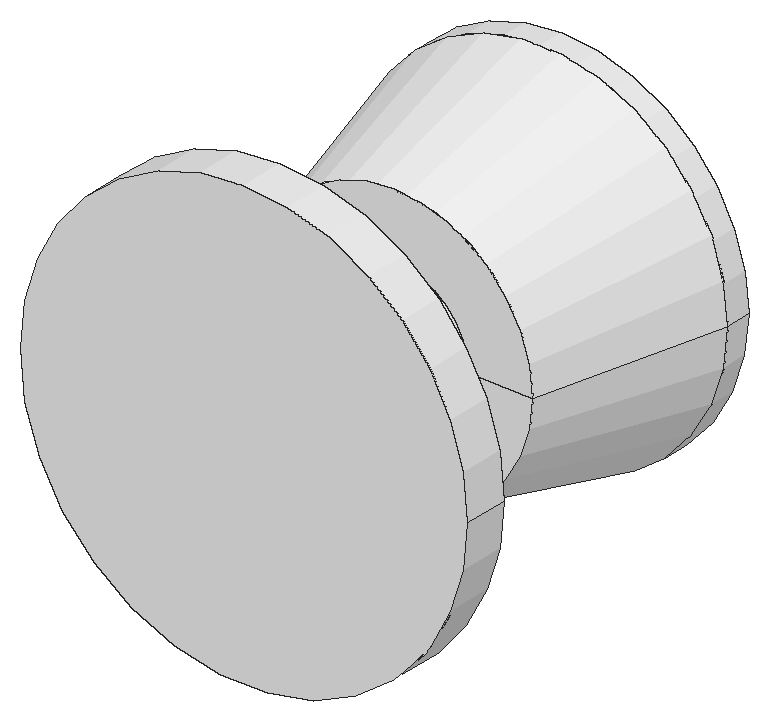
Revit family
Parameters
  Manufacturer = "Revit"
  Material Ironmongery = Door Handle
  Handle Z Distance = 0 mm
  Handle X Distance = 65 mm
Reference planes
  plane 1 "Center (Front/Back)": y = 0
  plane 2: z = 0
  plane 3 "Center (Left/Right)": x = 0
  plane 4: z = 0
  plane 5: x = 65
Forms (mm)
  Extrusion 1, solid, material "Door Handle" <- "Material Ironmongery"
    sketch origin (0, 0, 0) x (1, 0, 0) y (0, 0, 1)
      loop
        circle (65, 0) r 30
    from 0 to -6
  Revolve 2, solid, material "Door Handle" <- "Material Ironmongery"
    sketch origin (0, 0, 0) x (0, -1, 0) y (1, 0, 0)
      loop
        line (-25, 55) -> (-6, 55) -> (-6, 65) -> (-55, 65) -> (-55, 44.524) -> (-53.172, 40) -> (-49.708, 40) -> (-25, 46.364) -> (-25, 55)
      axis (-6, 65) -> (-55, 65)
    angle from 0 to 360
Dimensions and locks
  "Handle Z Distance": plane 4 to level
  "Handle X Distance": plane 5 to plane 3 "Center (Left/Right)"
Automatic sketch dimensions
  Extrusion 1 sketch curve to plane 4 = 0 mm
  Extrusion 1 sketch curve to plane 5 = 0 mm
  Revolve 2 sketch curve to plane 5 = 0 mm  (x2)
  Revolve 2 sketch curve to plane 1 "Center (Front/Back)" = 66 mm
  Revolve 2 sketch curve to Revolve 2 sketch curve = 11 mm
  Revolve 2 sketch curve to Revolve 2 sketch curve = 1.828 mm
  Revolve 2 sketch curve to Revolve 2 sketch curve = 3.464 mm
  Revolve 2 sketch curve to plane 1 "Center (Front/Back)" = 25 mm
  Revolve 2 sketch curve to plane 1 "Center (Front/Back)" = 6 mm
  Revolve 2 sketch curve to Revolve 2 sketch curve = 0 mm
  Revolve 2 sketch curve to Revolve 2 sketch curve = 10 mm
  Revolve 2 sketch curve to Revolve 2 sketch curve = 8.636 mm
  Revolve 2 sketch curve to Revolve 2 sketch curve = 20.476 mm
  Revolve 2 sketch curve to Revolve 2 sketch curve = 4.524 mm
  radius of Extrusion 1 sketch curve = 30 mm
